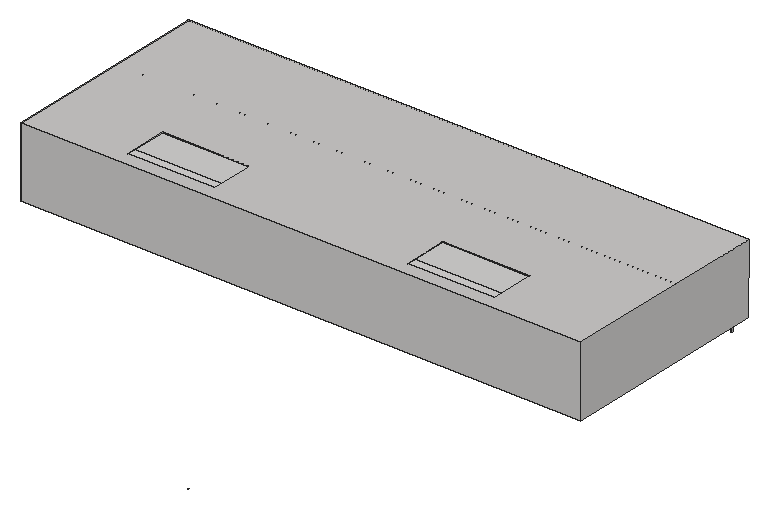
Revit family "QF_ELECTROLUXPROFESSIONAL_643325_DK1232", category Specialty Equipment, Revit 2014
Reference planes
  plane 1: z = 0
  plane 2 "Center (Left/Right)": x = 150
  plane 3 "LEFT": x = -1450
  plane 4 "RIGHT": x = 1750
  plane 5 "BACK": y = 550
  plane 6 "TOP": z = 2400
  plane 7 "Base": z = 2000
  plane 8: z = 1970
  plane 9 "DrainY": y = 450
  plane 10: x = -1447
  plane 11: y = -320
  plane 12: y = -570
  plane 13 "DrainX": x = 1737
  plane 14 "AOLeft2": x = -400
  plane 15 "AORight1": x = 700
  plane 16: x = 1747
  plane 17: x = -1250
  plane 18: x = 1550
  plane 19 "Center (Front/Back)": y = -50
  plane 20 "Front": y = -650
  plane 21: x = 50
  plane 22: x = 250
  plane 23 "AOLeft1": x = -900
  plane 24 "AORight2": x = 1200
Forms (mm)
  Extrusion 1, solid, material "QF_Finishes_Stainless Steel"
    sketch origin (-1450, 0, 360) x (0, 1, 0) y (0, 0, 1)
      loop
        line (550, 1640) -> (550, 2040) -> (-650, 2040) -> (-650, 1640) -> (550, 1640)
    from 0 to 3
  Extrusion 2, solid, material "QF_Finishes_Stainless Steel"
    sketch origin (1750, 0, 360) x (0, 1, 0) y (0, 0, 1)
      loop
        line (550, 1640) -> (550, 2040) -> (-650, 2040) -> (-650, 1640) -> (550, 1640)
    from 0 to -3
  Extrusion 3, solid, material "QF_Finishes_Stainless Steel"
    sketch origin (150, 0, 360) x (0, 1, 0) y (0, 0, 1)
      loop
        line (-650, 2040) -> (-650, 1640) -> (-640, 1640) -> (-640, 1640.8) -> (-649.2, 1640.8) -> (-649.2, 2039.19) -> (549.2, 2039.19) -> (549.2, 1640.8) -> (540, 1640.8) -> (540, 1640) -> (550, 1640) -> (550, 2040) -> (-650, 2040)
    from -1600 to 1600
  Extrusion 4, solid, material "QF_Finishes_Stainless Steel"
    sketch origin (0, 0, 2000) x (0, 1, 0) y (-1, 0, 0)
      loop
        circle (450, -1737) r 4.763
    from -30 to 0
  Extrusion 5, void
    sketch origin (0, 0, 2400) x (0, 1, 0) y (-1, 0, 0)
      loop
        line (-320, 400) -> (-320, 900) -> (-570, 900) -> (-570, 400) -> (-320, 400)
    from 0 to -10
  Extrusion 6, solid, material "QF_Finishes_Stainless Steel"
    sketch origin (0, 0, 0) x (1, 0, 0) y (0, 1, 0)
      loop
        line (-1450, 550) -> (-1450, 549) -> (-1449, 549) -> (-1449, 550) -> (-1450, 550)
    from 0 to 1
  Sweep 7, solid, material "QF_Finishes_Stainless Steel"
    path origin (0, 0, 0) x (1, 0, 0) y (0, 1, 0)
      loop
        line (1750, 550) -> (-1450, 550) -> (-1450, -650) -> (1750, -650) -> (1750, 550)
    profile origin (1750, -50, 0) x (1, 0, 0) y (0, 0, 1)
      loop
        line (-3, 2000) -> (-3, 2000.8) -> (-19, 2000.8) -> (-19, 2010) -> (-20, 2010) -> (-20, 2000) -> (-3, 2000)
  Extrusion 8, solid, material "QF_Finishes_Stainless Steel"
    sketch origin (150, 0, 0) x (0, 1, 0) y (0, 0, 1)
      loop
        line (35, 2399.19) -> (34.2, 2399.19) -> (34.2, 2329.838) -> (-320.309, 2254.485) -> (-614.003, 2066.672) -> (-614.003, 2000.8) -> (-613.203, 2000.8) -> (-613.203, 2066.234) -> (-320, 2253.732) -> (35, 2329.19) -> (35, 2399.19)
    from -1597 to 1597
  Extrusion 9, void
    sketch origin (1134.605, 0, 2400) x (0, 1, 0) y (-1, 0, 0)
      loop
        line (-320, -65.395) -> (-320, 434.605) -> (-570, 434.605) -> (-570, -65.395) -> (-320, -65.395)
    from 0 to -10
Cuts and joins
  Extrusion 5, Extrusion 9 cuts Extrusion 3
  joined: Extrusion 2, Extrusion 3, Sweep 7
Lines and regions (mm)
  symbolic lines, style "SpecialityEquipment", detail levels coarse
    curve 1: line (1750, 550, 2400) -> (-1450, 550, 2400)
    curve 2: line (-1450, 550, 2400) -> (-1450, -650, 2400)
    curve 3: line (1750, -650, 2400) -> (1750, 550, 2400)
    curve 4: line (-1450, 550, 0) -> (1750, -650, 0)
    curve 5: line (1750, 550, 0) -> (-1450, -650, 0)
    curve 6: line (-1450, -650, 0) -> (1750, -650, 0)
    curve 7: line (-400, -320, 0) -> (-900, -320, 0)
    curve 8: line (-400, -570, 0) -> (-400, -320, 0)
    curve 9: line (-900, -570, 0) -> (-400, -570, 0)
    curve 10: line (-900, -320, 0) -> (-900, -570, 0)
    curve 11: line (700, -320, 0) -> (700, -570, 0)
    curve 12: line (1200, -320, 0) -> (700, -320, 0)
    curve 13: line (1200, -570, 0) -> (1200, -320, 0)
    curve 14: line (700, -570, 0) -> (1200, -570, 0)
Dimensions and locks
  plane 3 "LEFT" to plane 4 "RIGHT" = 3200 mm
  equal spacing: plane 3 "LEFT", plane 2 "Center (Left/Right)", plane 4 "RIGHT"
  plane 7 "Base" to plane 8 = 30 mm
  plane 5 "BACK" to plane 9 "DrainY" = 100 mm  (x2)
  plane 3 "LEFT" to plane 10 = 3 mm
  plane 13 "DrainX" to plane 4 "RIGHT" = 13 mm
  plane 16 to plane 4 "RIGHT" = 3 mm
  plane 3 "LEFT" to plane 17 = 200 mm
  plane 18 to plane 4 "RIGHT" = 200 mm
  locked: plane 14 "AOLeft2" to plane 15 "AORight1" at 1100
  equal spacing: plane 14 "AOLeft2", plane 2 "Center (Left/Right)", plane 15 "AORight1"
  locked: plane 7 "Base" to level at 2000
  locked: plane 6 "TOP" to plane 7 "Base" at 400
  plane 5 "BACK" to plane 20 "Front" = 1200 mm  (x2)
  equal spacing: plane 5 "BACK", plane 19 "Center (Front/Back)", plane 20 "Front"
  locked: plane 21 to plane 22 at 200
  equal spacing: plane 21, plane 2 "Center (Left/Right)", plane 22
  plane 12 to plane 20 "Front" = 80 mm
  locked: plane 11 to plane 12 at 250
  locked: plane 23 "AOLeft1" to plane 14 "AOLeft2" at 500
  locked: plane 15 "AORight1" to plane 24 "AORight2" at 500
  aligned and locked: level to plane 1
  aligned and locked: plane 4 "RIGHT" to Extrusion 3
  aligned and locked: Extrusion 3 to plane 3 "LEFT"
  aligned and locked: Extrusion 5 to plane 12
  aligned and locked: Extrusion 5 to plane 11
  aligned and locked: Extrusion 2 to plane 16
  aligned and locked: Extrusion 8 to plane 10
  aligned and locked: plane 16 to Extrusion 8
  aligned and locked: Extrusion 5 to plane 23 "AOLeft1"
  aligned and locked: Extrusion 5 to plane 14 "AOLeft2"
  aligned and locked: plane 24 "AORight2" to Extrusion 9
  aligned and locked: plane 15 "AORight1" to Extrusion 9
Automatic sketch dimensions
  Extrusion 1 sketch curve to plane 7 "Base" = 0 mm
  Extrusion 1 sketch curve to plane 20 "Front" = 0 mm
  Extrusion 1 sketch curve to plane 5 "BACK" = 0 mm
  Extrusion 1 sketch curve to plane 6 "TOP" = 0 mm
  Extrusion 2 sketch curve to plane 7 "Base" = 0 mm
  Extrusion 2 sketch curve to plane 20 "Front" = 0 mm
  Extrusion 2 sketch curve to plane 5 "BACK" = 0 mm
  Extrusion 2 sketch curve to plane 6 "TOP" = 0 mm
  Extrusion 3 sketch curve to plane 6 "TOP" = 0 mm
  Extrusion 3 sketch curve to plane 20 "Front" = 0 mm
  Extrusion 3 sketch curve to plane 7 "Base" = 0 mm  (x2)
  Extrusion 3 sketch curve to plane 5 "BACK" = 0 mm
  plane 20 "Front" to Extrusion 3 sketch curve = 0.8 mm
  Extrusion 3 sketch curve to Extrusion 3 sketch curve = 9.2 mm
  plane 7 "Base" to Extrusion 3 sketch curve = 0.8 mm  (x2)
  Extrusion 3 sketch curve to plane 5 "BACK" = 10 mm
  Extrusion 3 sketch curve to plane 5 "BACK" = 0.8 mm
  Extrusion 3 sketch curve to plane 6 "TOP" = 0.81 mm
  Extrusion 4 sketch curve to plane 9 "DrainY" = 0 mm
  Extrusion 4 sketch curve to plane 13 "DrainX" = 0 mm
  Extrusion 5 sketch curve to plane 12 = 0 mm
  plane 11 to Extrusion 5 sketch curve = 0 mm
  Extrusion 5 sketch curve to plane 14 "AOLeft2" = 0 mm
  Extrusion 5 sketch curve to plane 23 "AOLeft1" = 0 mm
  Extrusion 6 sketch curve to plane 3 "LEFT" = 0 mm
  Extrusion 6 sketch curve to plane 5 "BACK" = 0 mm
  plane 3 "LEFT" to Extrusion 6 sketch curve = 1 mm
  Extrusion 6 sketch curve to Extrusion 6 sketch curve = 1 mm
  Sweep 7 sketch curve to plane 3 "LEFT" = 0 mm
  Sweep 7 sketch curve to plane 4 "RIGHT" = 0 mm
  Sweep 7 sketch curve to plane 20 "Front" = 0 mm
  Sweep 7 sketch curve to plane 5 "BACK" = 0 mm
  profile plane to Sweep 7 sketch curve = 20 mm
  Sweep 7 sketch curve to Sweep 7 sketch curve = 1 mm
  profile plane to Sweep 7 sketch curve = 3 mm
  level to Sweep 7 sketch curve = 2000 mm
  Sweep 7 sketch curve to Sweep 7 sketch curve = 0.8 mm
  Sweep 7 sketch curve to Sweep 7 sketch curve = 9.2 mm
  Extrusion 9 sketch curve to plane 12 = 0 mm
  plane 11 to Extrusion 9 sketch curve = 0 mm
  Extrusion 9 sketch curve to plane 15 "AORight1" = 500 mm
  plane 22 to Extrusion 9 sketch curve = 450 mm
  curve 5 to plane 3 "LEFT" = 0 mm
  curve 4 to plane 3 "LEFT" = 0 mm
  curve 6 to plane 20 "Front" = 0 mm
  curve 5 to plane 4 "RIGHT" = 0 mm
  curve 6 to plane 4 "RIGHT" = 0 mm
  curve 5 to plane 5 "BACK" = 0 mm
  curve 4 to plane 5 "BACK" = 0 mm
  curve 2 to plane 3 "LEFT" = 0 mm
  curve 2 to plane 20 "Front" = 0 mm
  curve 3 to plane 4 "RIGHT" = 0 mm
  curve 3 to plane 20 "Front" = 0 mm
  curve 2 to plane 5 "BACK" = 0 mm
  plane 11 to curve 7 = 0 mm
  curve 7 to plane 23 "AOLeft1" = 0 mm
  curve 8 to plane 12 = 0 mm
  curve 8 to plane 14 "AOLeft2" = 0 mm
  plane 11 to curve 11 = 0 mm
  curve 11 to plane 15 "AORight1" = 0 mm
  curve 12 to plane 24 "AORight2" = 0 mm
  curve 13 to plane 12 = 0 mm
  Extrusion 8 sketch curve to plane 11 = 0 mm
  plane 11 to Extrusion 8 sketch curve = 0.309 mm
  plane 7 "Base" to Extrusion 8 sketch curve = 0.8 mm
  plane 20 "Front" to Extrusion 8 sketch curve = 36.797 mm
  Extrusion 8 sketch curve to Extrusion 8 sketch curve = 0.8 mm  (x2)
  plane 19 "Center (Front/Back)" to Extrusion 8 sketch curve = 84.2 mm
  Extrusion 8 sketch curve to Extrusion 8 sketch curve = 65.434 mm
  Extrusion 8 sketch curve to plane 6 "TOP" = 146.268 mm
  Extrusion 8 sketch curve to Extrusion 8 sketch curve = 0.752 mm
  Extrusion 8 sketch curve to plane 6 "TOP" = 70.81 mm
  Extrusion 8 sketch curve to Extrusion 8 sketch curve = 0.648 mm
  Extrusion 8 sketch curve to Extrusion 8 sketch curve = 0.438 mm
  Extrusion 8 sketch curve to plane 6 "TOP" = 0.81 mm
  radius of Extrusion 4 sketch curve = 4.763 mm
Connectors
  piping at (1737, 450, 1970), diameter 9.5
    settings: on Extrusion 4, index 1, connector inside diameter 609.6 mm, connector length 0 mm, flow factor 0, pipe flow 0.0 L/s, pressure drop 0.0 Pa, fitting loss kfactor 0, connector angle 0.00°, fixture units 0, engagement length 0 mm, angle of deflection 0.00°, flow configuration 1, flow direction 2, fitting loss method 0, system type 16, joint type 0, gender type 0, connector reference index -1, connector utility 0, adjustable connector no, is connector primary yes, connector description "Drain"
  hvac at (-650, -445, 2400)
    settings: on Extrusion 5, index 2, duct flow 0.0 L/s, flow factor 0, pres drop 0.0 Pa, loss coef 0, conn angle 0.00°, conn width 250 mm, conn height 500 mm, conn diameter 609.6 mm, duct sys type 3, conn prof type 1, flow config 1, flow direction 2, loss method 0, conn ref index -1, conn util no, is conn primary yes, conn desc "EXHAUST OUTLET"
  hvac at (950, -445, 2400)
    settings: on Extrusion 9, index 3, duct flow 0.0 L/s, flow factor 0, pres drop 0.0 Pa, loss coef 0, conn angle 0.00°, conn width 250 mm, conn height 500 mm, conn diameter 609.6 mm, duct sys type 3, conn prof type 1, flow config 1, flow direction 2, loss method 0, conn ref index -1, conn util no, is conn primary no, conn desc "EXHAUST OUTLET"
